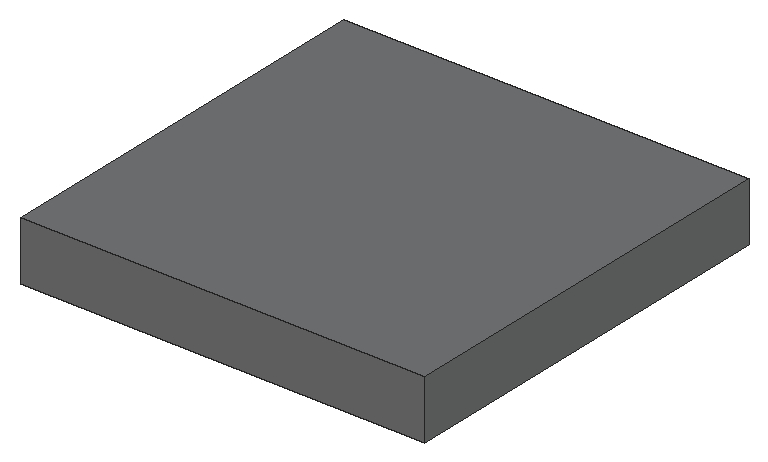
Revit family "Gira_536028", category Electrical Fixtures, host Face, Revit 2017
Family settings
  Host = Face
  Maintain Annotation Orientation = No
  Round Connector Dimension = Use Diameter
  Part Type = Normal
  Cut with Voids When Loaded = No
  Shared = No
  Room Calculation Point = No
Parameters (values of type "S3000 Bedienaufs. System 55 Anthrazit")
  Werkstoffgüte = "sonstige"
  Werkstoff = "sonstige"
  URL = "http://katalog.gira.de/de_DE/datenblatt.html?artikelnr=536028"
  Transparent = "No"
  Region = "DE"
  Oberfläche = "sonstige"
  Name = "S3000 Bedienaufs. System 55 Anthrazit"
  Mit LED-Anzeige = "No"
  Mit Abdeckung = "Yes"
  Manufacturer URL = "https://www.gira.de/"
  Keynote = "Sys55_Abdeckung_Schalten und Tasten"
  HeinzeBIM = "https://bimportal.heinze.de/bim/s3000-bedienaufs-system-55-anthrazit/966d89dd117d69561ed15af327cd2599131abc9d"
  Halogenfrei = "Yes"
  HAN = "536028"
  Geeignet für Schalteinsatz = "No"
  Geeignet für Jalousieeinsatz = "Yes"
  Geeignet für Dimmeinsatz = "No"
  GTIN = "4010337027249"
  Farbe = "anthrazit"
  Default Elevation = 1219.2 mm
  Data sheet (1) = "https://katalog.gira.de/de_DE/download.html?artikelnr=536028"
  Category = "Bedienelement intelligent"
  Available = "Yes"
  Ausführung der Oberfläche = "nicht zutreffend"
  Anzahl der Tasten = "1 "
  Anzahl der Betätigungspunkte = "2 "
  Anwendung = "Steuern elektrischer Verbraucher"
  Anthrazit [instance] = Anthrazit
Reference planes
  plane 1 "Center (Front/Back)": y = 0
  plane 2: z = 0
  plane 3 "Center (Left/Right)": x = 0
Forms (mm)
  Extrusion 1, solid, material "Anthrazit" <- "Anthrazit", detail levels fine
    sketch origin (0, 0, 0) x (1, 0, 0) y (0, 1, 0)
      loop
        line (-27.5, 27.5) -> (-27.5, -27.5) -> (27.5, -27.5) -> (27.5, 27.5) -> (-27.5, 27.5)
    from 0 to 8
  Extrusion 2, void
    sketch origin (0, 0, 0) x (1, 0, 0) y (0, 1, 0)
      loop
        line (26, 26) -> (-26, 26) -> (-26, -26) -> (26, -26) -> (26, 26)
    from 0 to 6
  Extrusion 3, solid, material "Anthrazit" <- "Anthrazit", detail levels medium
    sketch origin (0, 0, 0) x (1, 0, 0) y (0, 1, 0)
      loop
        line (-27.5, 27.5) -> (-27.5, -27.5) -> (27.5, -27.5) -> (27.5, 27.5) -> (-27.5, 27.5)
    from 0 to 8
  Extrusion 4, solid, material "Anthrazit" <- "Anthrazit", detail levels medium
    sketch origin (0, 0, 0) x (1, 0, 0) y (0, 1, 0)
      loop
        line (11, -17.5) -> (11, 17.5) -> (-11, 17.5) -> (-11, -17.5) -> (11, -17.5)
    from -6 to 6
  Extrusion 5, solid, material "Anthrazit" <- "Anthrazit", detail levels fine
    sketch origin (0, 0, 0) x (1, 0, 0) y (0, 1, 0)
      loop
        line (11, 17.5) -> (-11, 17.5) -> (-11, 16.5) -> (11, 16.5) -> (11, 17.5)
      loop
        line (-11, -16.5) -> (-11, -17.5) -> (11, -17.5) -> (11, -16.5) -> (-11, -16.5)
    from -4 to 6
  Extrusion 6, solid, material "Anthrazit" <- "Anthrazit", detail levels fine
    sketch origin (0, 0, 0) x (1, 0, 0) y (0, 1, 0)
      loop
        arc (5, 9.347) -> (0, 10.6) -> (-5, 9.347) r 10.6
        line (-5, 9.347) -> (-5, -9.347)
        arc (-5, -9.347) -> (0, -10.6) -> (5, -9.347) r 10.6
        line (5, -9.347) -> (5, 9.347)
    from -6 to 6
  Extrusion 7, solid, material "Anthrazit" <- "Anthrazit", detail levels coarse
    sketch origin (0, 0, 0) x (1, 0, 0) y (0, 1, 0)
      loop
        line (-27.5, 27.5) -> (-27.5, -27.5) -> (27.5, -27.5) -> (27.5, 27.5) -> (-27.5, 27.5)
    from -6 to 8
Cuts and joins
  Extrusion 2 cuts Extrusion 1
Dimensions and locks
  aligned and locked: plane 2 to host face
  aligned and locked: level to host face
